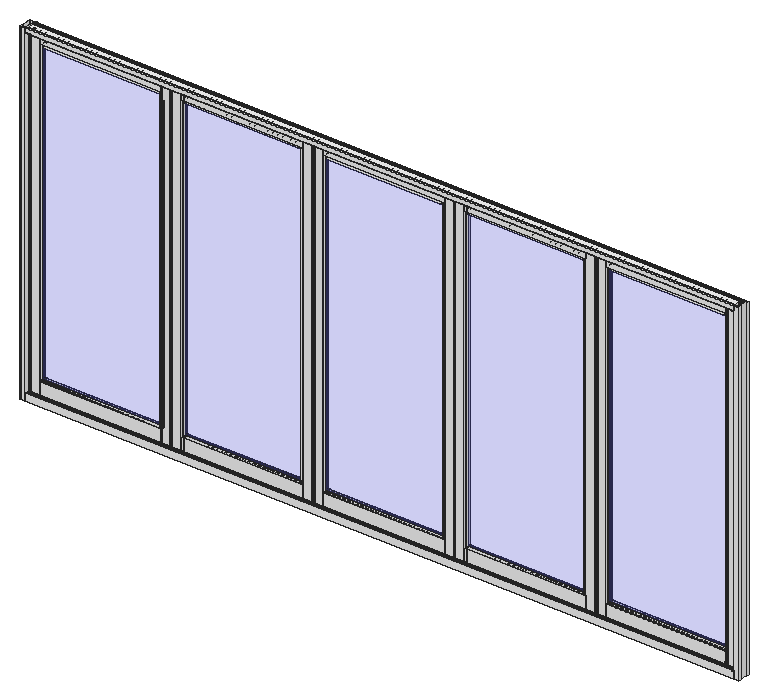
Revit family "Vistafold_Sliding_Folding_5_Standard", category Doors, host Wall, Revit 2014 (continued)
Definition of nested family "Vistafold_Sash_Insert_5_Std"
  Definition of nested family "Vistafold_Sash_Head"
    Forms (mm)
      Extrusion 1, solid, material <- "Profile Material"
        sketch origin (0, 0, 0) x (0, 1, 0) y (0, 0, 1)
          loop
            line (63.145, 210.735) -> (63.145, 209.535) -> (68.06, 209.535) -> (68.06, 235.935) -> (27.64, 235.935)
        from 0 to 250 <- "Length Head"
      Extrusion 2, void
        sketch origin (0, 0, 0) x (1, 0, 0) y (0, 1, 0)
          loop
            line (250, 30.845) -> (250, 33.545) -> (235, 33.545) -> (235, 30.845) -> (250, 30.845)
          loop
            line (15, 33.545) -> (0, 33.545) -> (0, 30.845) -> (15, 30.845) -> (15, 33.545)
        from 0 to 250
    Cuts and joins
      Extrusion 2 cuts Extrusion 1
    Dimensions and locks
      "Cutout Width": Extrusion 1 to Extrusion 2 sketch curve
      "Cutout Width": Extrusion 2 sketch curve to Extrusion 1
      aligned and locked: level to plane 2
      aligned and locked: Extrusion 1 to Extrusion 2 sketch curve  (x2)
      aligned and locked: Extrusion 2 sketch curve to Extrusion 1  (x4)
    Automatic sketch dimensions
      Extrusion 1 sketch curve to plane 1 "Center (Front/Back)" = 25.85 mm
      Extrusion 1 sketch curve to Extrusion 1 sketch curve = 1.79 mm
      Extrusion 1 sketch curve to Extrusion 1 sketch curve = 0 mm  (x3)
      Extrusion 1 sketch curve to Extrusion 1 sketch curve = 1.8 mm  (x3)
      Extrusion 1 sketch curve to Extrusion 1 sketch curve = 0.51 mm
      Extrusion 1 sketch curve to Extrusion 1 sketch curve = 3.11 mm
      Extrusion 1 sketch curve to Extrusion 1 sketch curve = 4.996 mm
      Extrusion 1 sketch curve to Extrusion 1 sketch curve = 1.4 mm  (x3)
      Extrusion 1 sketch curve to Extrusion 1 sketch curve = 0.4 mm  (x3)
      Extrusion 1 sketch curve to Extrusion 1 sketch curve = 1.3 mm
      Extrusion 1 sketch curve to Extrusion 1 sketch curve = 8.4 mm
      Extrusion 1 sketch curve to Extrusion 1 sketch curve = 3 mm
      Extrusion 1 sketch curve to Extrusion 1 sketch curve = 14 mm
      Extrusion 1 sketch curve to Extrusion 1 sketch curve = 1.5 mm
      Extrusion 1 sketch curve to Extrusion 1 sketch curve = 34.2 mm
      Extrusion 1 sketch curve to Extrusion 1 sketch curve = 2.596 mm
      Extrusion 1 sketch curve to Extrusion 1 sketch curve = 3.1 mm
      Extrusion 1 sketch curve to Extrusion 1 sketch curve = 4.914 mm
      Extrusion 1 sketch curve to Extrusion 1 sketch curve = 0.05 mm
      level to Extrusion 1 sketch curve = 192.735 mm
      Extrusion 1 sketch curve to Extrusion 1 sketch curve = 1.2 mm  (x2)
      Extrusion 1 sketch curve to Extrusion 1 sketch curve = 2.2 mm
      Extrusion 1 sketch curve to Extrusion 1 sketch curve = 0.7 mm
      Extrusion 1 sketch curve to Extrusion 1 sketch curve = 10.9 mm
      Extrusion 1 sketch curve to Extrusion 1 sketch curve = 0.975 mm  (x2)
      Extrusion 1 sketch curve to Extrusion 1 sketch curve = 1.106 mm
      Extrusion 1 sketch curve to Extrusion 1 sketch curve = 0.262 mm
      Extrusion 1 sketch curve to Extrusion 1 sketch curve = 0.694 mm
      Extrusion 1 sketch curve to Extrusion 1 sketch curve = 0.563 mm
      Extrusion 1 sketch curve to Extrusion 1 sketch curve = 1.363 mm
      Extrusion 1 sketch curve to Extrusion 1 sketch curve = 26.4 mm
      Extrusion 1 sketch curve to Extrusion 1 sketch curve = 2.92 mm
      Extrusion 1 sketch curve to Extrusion 1 sketch curve = 2.985 mm
      Extrusion 1 sketch curve to Extrusion 1 sketch curve = 0.963 mm
      Extrusion 1 sketch curve to Extrusion 1 sketch curve = 1.048 mm
      Extrusion 1 sketch curve to Extrusion 1 sketch curve = 12.367 mm
      Extrusion 1 sketch curve to Extrusion 1 sketch curve = 12.517 mm
      Extrusion 1 sketch curve to Extrusion 1 sketch curve = 1.6 mm  (x2)
      Extrusion 1 sketch curve to Extrusion 1 sketch curve = 2 mm  (x2)
  Definition of nested family "Vistafold_Sash_Sill"
    Parameters (values of type "Vistafold_Sash_Sill")
      Profile Material [instance] = none
      Length Sill [instance] = 250 mm
      Cutout Width = 15 mm  # constant formula
    Reference planes
      plane 1 "Center (Front/Back)": y = 0
      plane 2: z = 0
      plane 3 "Center (Left/Right)": x = 0
    Forms (mm)
      Extrusion 1, solid, material <- "Profile Material"
        sketch origin (0, 0, 0) x (0, 1, 0) y (0, 0, 1)
          loop
            line (7.791, 7.573) -> (9.591, 7.573) -> (9.591, 9.573) -> (12.691, 9.573) -> (12.691, 11.173) -> (9.581, 11.173) -> (9.581, 23.69) -> (10.091, 24.653) -> (10.091, 27.573) -> (49.486, 27.573) -> (49.486, 24.587) -> (50.041, 23.54) -> (50.041, 11.173) -> (46.891, 11.173) -> (46.891, 9.573) -> (49.991, 9.573) -> (49.991, 7.573) -> (51.791, 7.573) -> (51.791, 92.573) -> (41.786, 92.573) -> (41.786, 91.598) -> (43.286, 91.467) -> (43.286, 89.973) -> (24.786, 89.973) -> (24.786, 91.335) -> (27.786, 91.598) -> (27.786, 92.573) -> (14.586, 92.573) -> (14.586, 103.473) -> (14.186, 104.173) -> (14.186, 106.373) -> (15.486, 106.373) -> (15.486, 107.573) -> (12.786, 107.573) -> (12.786, 92.573) -> (7.791, 92.573) -> (7.791, 7.573)
          loop
            line (9.581, 90.773) -> (9.581, 29.373) -> (50, 29.373) -> (50, 90.773) -> (45.086, 90.773) -> (45.086, 89.573)
            arc (45.086, 89.573) -> (44.676, 88.583) -> (43.686, 88.173) r 1.4
            line (43.686, 88.173) -> (24.386, 88.173)
            arc (24.386, 88.173) -> (23.396, 88.583) -> (22.986, 89.573) r 1.4
            line (22.986, 89.573) -> (22.986, 90.773) -> (9.581, 90.773)
        from 0 to 250 <- "Length Sill"
      Extrusion 2, void
        sketch origin (0, 0, 0) x (1, 0, 0) y (0, 1, 0)
          loop
            line (0, 15.486) -> (0, 12.786) -> (15, 12.786) -> (15, 15.486) -> (0, 15.486)
          loop
            line (235, 15.486) -> (235, 12.786) -> (250, 12.786) -> (250, 15.486) -> (235, 15.486)
        from 0 to 250
    Cuts and joins
      Extrusion 2 cuts Extrusion 1
    Dimensions and locks
      "Cutout Width": Extrusion 1 to Extrusion 2 sketch curve
      "Cutout Width": Extrusion 2 sketch curve to Extrusion 1
      aligned and locked: level to plane 2
      aligned and locked: Extrusion 2 sketch curve to Extrusion 1  (x6)
    Automatic sketch dimensions
      Extrusion 1 sketch curve to plane 1 "Center (Front/Back)" = 7.791 mm
      Extrusion 1 sketch curve to Extrusion 1 sketch curve = 1.79 mm  (x3)
      Extrusion 1 sketch curve to Extrusion 1 sketch curve = 0.01 mm
      Extrusion 1 sketch curve to Extrusion 1 sketch curve = 0.51 mm
      Extrusion 1 sketch curve to Extrusion 1 sketch curve = 3.1 mm  (x2)
      Extrusion 1 sketch curve to plane 1 "Center (Front/Back)" = 12.786 mm
      Extrusion 1 sketch curve to Extrusion 1 sketch curve = 1.4 mm  (x3)
      Extrusion 1 sketch curve to Extrusion 1 sketch curve = 1.8 mm  (x4)
      Extrusion 1 sketch curve to Extrusion 1 sketch curve = 1.3 mm
      Extrusion 1 sketch curve to Extrusion 1 sketch curve = 8.4 mm
      Extrusion 1 sketch curve to Extrusion 1 sketch curve = 0.4 mm  (x3)
      Extrusion 1 sketch curve to Extrusion 1 sketch curve = 3 mm
      Extrusion 1 sketch curve to Extrusion 1 sketch curve = 14 mm
      Extrusion 1 sketch curve to Extrusion 1 sketch curve = 1.5 mm
      level to Extrusion 1 sketch curve = 9.573 mm
      Extrusion 1 sketch curve to Extrusion 1 sketch curve = 34.2 mm
      level to Extrusion 1 sketch curve = 24.587 mm
      Extrusion 1 sketch curve to Extrusion 1 sketch curve = 2.596 mm
      Extrusion 1 sketch curve to Extrusion 1 sketch curve = 4.914 mm
      level to Extrusion 1 sketch curve = 23.54 mm
      Extrusion 1 sketch curve to Extrusion 1 sketch curve = 0.554 mm
      level to Extrusion 1 sketch curve = 7.573 mm
      Extrusion 1 sketch curve to Extrusion 1 sketch curve = 2 mm  (x2)
      Extrusion 1 sketch curve to Extrusion 1 sketch curve = 1.6 mm  (x2)
      Extrusion 1 sketch curve to Extrusion 1 sketch curve = 12.517 mm
      Extrusion 1 sketch curve to Extrusion 1 sketch curve = 0.963 mm
      Extrusion 1 sketch curve to Extrusion 1 sketch curve = 2.92 mm
      Extrusion 1 sketch curve to Extrusion 1 sketch curve = 58.8 mm
      Extrusion 1 sketch curve to Extrusion 1 sketch curve = 1.2 mm  (x3)
      Extrusion 1 sketch curve to Extrusion 1 sketch curve = 1.363 mm
      Extrusion 1 sketch curve to Extrusion 1 sketch curve = 1.494 mm
      Extrusion 1 sketch curve to Extrusion 1 sketch curve = 0.131 mm
      Extrusion 1 sketch curve to Extrusion 1 sketch curve = 0.975 mm  (x2)
      Extrusion 1 sketch curve to Extrusion 1 sketch curve = 10.9 mm
      Extrusion 1 sketch curve to Extrusion 1 sketch curve = 0.7 mm
      Extrusion 1 sketch curve to Extrusion 1 sketch curve = 2.2 mm
  Definition of nested family "Vistafold_Angled_Glazing_Bead"
    Parameters (values of type "Vistafold_Angled_Glazing_Bead")
      Profile Material [instance] = none
      Bead Width [instance] = 1120 mm
      Bead Height [instance] = 1860 mm
    Reference planes
      plane 1 "Center (Front/Back)": y = 0
      plane 2: z = 0
      plane 3 "Center (Left/Right)": x = 0
    Forms (mm)
      Sweep 1, solid, material <- "Profile Material"
        path origin (0, 0, 0) x (1, 0, 0) y (0, 0, 1)
          loop
            line (0, 0) -> (1120, 0) -> (1120, 1860) -> (0, 1860) -> (0, 0)
        profile origin (560, 0, 0) x (0, 0, 1) y (0, -1, 0)
          loop
            line (7.999, 0.8) -> (7.999, 2.044) -> (10.199, 4.244) -> (12.521, 1.922) -> (11.399, 0.8) -> (10.599, 0.8) -> (10.599, 0) -> (14.999, 0) -> (14.999, 1) -> (0.793, 15.205) -> (0, 15.205) -> (0, 12.999) -> (-1.4, 12.999) -> (-1.4, 13.823)
            arc (-1.4, 13.823) -> (-2.107, 13.53) -> (-2.4, 12.823) r 1
            line (-2.4, 12.823) -> (-2.4, 11.899) -> (0.6, 11.899)
            arc (0.6, 11.899) -> (0.953, 12.045) -> (1.1, 12.399) r 0.5
            line (1.1, 12.399) -> (1.1, 13.343) -> (9.421, 5.022) -> (6.899, 2.5) -> (6.899, 1.1) -> (-1.6, 1.1)
            arc (-1.6, 1.1) -> (-2.165, 0.866) -> (-2.4, 0.3) r 0.8
            line (-2.4, 0.3) -> (-2.4, -2.5)
            arc (-2.4, -2.5) -> (-1.9, -3) -> (-1.4, -2.5) r 0.5
            line (-1.4, -2.5) -> (-1.4, 0) -> (8.799, 0) -> (8.799, 0.8) -> (7.999, 0.8)
    Dimensions and locks
      "Bead Width": Sweep 1 sketch curve to Sweep 1 sketch curve
      "Bead Height": Sweep 1 sketch curve to Sweep 1 sketch curve
      aligned and locked: level to plane 2
    Automatic sketch dimensions
      Sweep 1 sketch curve to plane 1 "Center (Front/Back)" = 0 mm  (x2)
      profile plane to Sweep 1 sketch curve = 0 mm
      profile plane to Sweep 1 sketch curve = 1.4 mm  (x2)
      Sweep 1 sketch curve to Sweep 1 sketch curve = 0.2 mm
      Sweep 1 sketch curve to Sweep 1 sketch curve = 0.5 mm  (x2)
      Sweep 1 sketch curve to Sweep 1 sketch curve = 1 mm  (x2)
      Sweep 1 sketch curve to profile plane = 0.6 mm
      Sweep 1 sketch curve to profile plane = 0.793 mm
      plane 1 "Center (Front/Back)" to Sweep 1 sketch curve = 1.1 mm
      Sweep 1 sketch curve to profile plane = 6.899 mm
      Sweep 1 sketch curve to Sweep 1 sketch curve = 1.1 mm
      Sweep 1 sketch curve to Sweep 1 sketch curve = 0.8 mm  (x2)
      Sweep 1 sketch curve to Sweep 1 sketch curve = 1.422 mm
      plane 1 "Center (Front/Back)" to Sweep 1 sketch curve = 4.244 mm
      Sweep 1 sketch curve to Sweep 1 sketch curve = 0.778 mm  (x2)
      Sweep 1 sketch curve to Sweep 1 sketch curve = 1.8 mm
      plane 1 "Center (Front/Back)" to Sweep 1 sketch curve = 1.922 mm
      Sweep 1 sketch curve to Sweep 1 sketch curve = 1.122 mm
      Sweep 1 sketch curve to Sweep 1 sketch curve = 2.5 mm
      plane 1 "Center (Front/Back)" to Sweep 1 sketch curve = 0.8 mm
      Sweep 1 sketch curve to Sweep 1 sketch curve = 0.456 mm
      Sweep 1 sketch curve to Sweep 1 sketch curve = 1.444 mm
      Sweep 1 sketch curve to Sweep 1 sketch curve = 0.924 mm
      Sweep 1 sketch curve to Sweep 1 sketch curve = 0.176 mm
      Sweep 1 sketch curve to Sweep 1 sketch curve = 1.862 mm
      Sweep 1 sketch curve to Sweep 1 sketch curve = 2.478 mm
      Sweep 1 sketch curve to plane 3 "Center (Left/Right)" = 0 mm
      Sweep 1 sketch curve to level = 0 mm
  Definition of nested family "Vistafold_Double_Glazing_Bead"
    Parameters (values of type "Vistafold_Double_Glazing_Bead")
      Profile Material [instance] = none
      Bead Width [instance] = 400 mm
      Bead Height [instance] = 500 mm
    Reference planes
      plane 1 "Center (Front/Back)": y = 0
      plane 2: z = 0
      plane 3 "Center (Left/Right)": x = 0
    Forms (mm)
      Sweep 1, solid, material <- "Profile Material"
        path origin (0, 0, 0) x (1, 0, 0) y (0, 0, 1)
          loop
            line (0, 0) -> (400, 0) -> (400, 500) -> (0, 500) -> (0, 0)
        profile origin (200, 0, 0) x (0, 0, 1) y (0, -1, 0)
          loop
            line (1.6, 21.9) -> (7.5, 21.9) -> (7.5, 18.8) -> (9.35, 18.8)
            arc (9.35, 18.8) -> (9.75, 19.2) -> (9.35, 19.6) r 0.4
            line (9.35, 19.6) -> (8.55, 19.6) -> (8.55, 21.9) -> (13.95, 21.9) -> (13.95, 19.6) -> (13.15, 19.6)
            arc (13.15, 19.6) -> (12.75, 19.2) -> (13.15, 18.8) r 0.4
            line (13.15, 18.8) -> (15, 18.8) -> (15, 23.5) -> (0, 23.5) -> (0, 15.9) -> (-1.387, 15.9) -> (-1.387, 16.7)
            arc (-1.387, 16.7) -> (-2.102, 16.411) -> (-2.4, 15.7) r 1
            line (-2.4, 15.7) -> (-2.4, 0.5)
            arc (-2.4, 0.5) -> (-1.9, 0) -> (-1.4, 0.5) r 0.5
            line (-1.4, 0.5) -> (-1.4, 3.5) -> (-0.4, 3.5) -> (-0.4, 14.5) -> (1.6, 14.5) -> (1.6, 21.9)
    Lines and regions (mm)
      model lines, style "GenericModel"
        curve 1: line (15, -23.5, 485) -> (15, -23.5, 500)
        curve 2: line (385, -23.5, 485) -> (385, -23.5, 500)
        curve 3: line (15, -23.5, 15) -> (15, -23.5, 0)
        curve 4: line (385, -23.5, 15) -> (385, -23.5, 0)
    Dimensions and locks
      "Bead Width": Sweep 1 sketch curve to Sweep 1 sketch curve
      "Bead Height": Sweep 1 sketch curve to Sweep 1 sketch curve
      aligned and locked: level to plane 2
      aligned and locked: curve 4 to Sweep 1
      aligned and locked: Sweep 1 to curve 3
      aligned and locked: curve 1 to Sweep 1
      aligned and locked: Sweep 1 to curve 2
    Automatic sketch dimensions
      profile plane to Sweep 1 sketch curve = 2.4 mm
      Sweep 1 sketch curve to Sweep 1 sketch curve = 0.5 mm
      Sweep 1 sketch curve to Sweep 1 sketch curve = 1 mm  (x2)
      Sweep 1 sketch curve to Sweep 1 sketch curve = 0.012 mm
      Sweep 1 sketch curve to Sweep 1 sketch curve = 1.387 mm
      Sweep 1 sketch curve to Sweep 1 sketch curve = 1.6 mm  (x2)
      Sweep 1 sketch curve to Sweep 1 sketch curve = 5.9 mm
      Sweep 1 sketch curve to Sweep 1 sketch curve = 1.05 mm  (x2)
      Sweep 1 sketch curve to Sweep 1 sketch curve = 0.8 mm  (x2)
      Sweep 1 sketch curve to Sweep 1 sketch curve = 3.8 mm
      Sweep 1 sketch curve to Sweep 1 sketch curve = 3 mm
      Sweep 1 sketch curve to Sweep 1 sketch curve = 11 mm
      Sweep 1 sketch curve to Sweep 1 sketch curve = 1.2 mm
      Sweep 1 sketch curve to Sweep 1 sketch curve = 0.2 mm
      Sweep 1 sketch curve to Sweep 1 sketch curve = 4.3 mm
      Sweep 1 sketch curve to Sweep 1 sketch curve = 0 mm  (x2)
      Sweep 1 sketch curve to Sweep 1 sketch curve = 0.4 mm  (x2)
      Sweep 1 sketch curve to Sweep 1 sketch curve = 2.3 mm
      plane 1 "Center (Front/Back)" to Sweep 1 sketch curve = 0.5 mm
      curve 1 to Sweep 1 = 0 mm  (x2)
      curve 3 to Sweep 1 = 0 mm
      Sweep 1 to curve 3 = 0 mm
      curve 2 to Sweep 1 = 0 mm  (x2)
      curve 4 to Sweep 1 = 0 mm  (x2)
      Sweep 1 sketch curve to plane 3 "Center (Left/Right)" = 0 mm
      Sweep 1 sketch curve to level = 0 mm
Definition of nested family "Vistafold_Single_Glazing_Sliding_Folding_5_Std"
  Parameters (values of type "Single_Glazing_Sliding_Folding")
    Right Hinged [instance] = yes
    Length Arrow Down [instance] = Length Arrow / 2  # 133.233 mm
    Left Hinged [instance] = yes
    Half Height [instance] = Glazing Height / 2  # 750 mm
    Glazing Width [instance] = 900 mm
    Glazing Height [instance] = 1500 mm
    Right Sliding Folding [instance] = yes
    Length Arrow Tip [instance] = if((Glazing Height - (2 * 50.3 mm)) / 8 > Length Arrow / 3.3, Length Arrow / 3.3, (Glazing Height - (2 * 50.3 mm)) / 8)  # 80.747 mm
    Length Arrow [instance] = (Glazing Width - (2 * 50.3 mm)) / 3  # 266.467 mm
    Left Sliding Folding [instance] = yes
    Is Sliding Folding [instance] = if(or(Right Sliding Folding, Left Sliding Folding), 1 = 1, 1 = 2)  # yes
    Glazing Thickness SG [instance] = 4 mm
    Glazing Material [instance] = Glass
    Glazing Bead Gap = 19.1 mm  # constant formula
    Double Glazing Gasket Material [instance] = none
    Arrow Tip Length [instance] = if((Glazing Height - (2 * 50.3 mm)) / 8 > Length Arrow / 3.3, Length Arrow / 3.3, (Glazing Height - (2 * 50.3 mm)) / 8)  # 80.747 mm
    Arrow Left Gap [instance] = (Glazing Width - Length Arrow) / 2  # 316.767 mm
    Arrow Bottom Gap [instance] = (Glazing Height / 2) + (Length Arrow Down / 2)  # 816.617 mm
  Reference planes
    plane 1 "Center (Front/Back)": y = 0
    plane 2: z = 0
    plane 3 "Center (Left/Right)": x = 0
  Forms (mm)
    Extrusion 1, solid, material "Glass" <- "Glazing Material"
      sketch origin (0, 0, 0) x (1, 0, 0) y (0, 0, 1)
        loop
          line (0, 0) -> (0, 1500) -> (-900, 1500) -> (-900, 0) -> (0, 0)
      from 0 to 4 <- "Glazing Thickness SG"
  Lines and regions (mm)
    model lines, style "GenericModelHiddenLines", visible <- "Left Hinged"
      curve 1: line (-880.9, -4, 1480.9) -> (-19.1, -4, 750)
      curve 2: line (-19.1, -4, 750) -> (-880.9, -4, 19.1)
    model lines, style "GenericModelHiddenLines", visible <- "Right Hinged"
      curve 3: line (-19.1, -4, 1480.9) -> (-880.9, -4, 750)
      curve 4: line (-880.9, -4, 750) -> (-19.1, -4, 19.1)
    model lines, style "GenericModel", visible <- "Left Sliding Folding"
      curve 5: line (-583.233, -4, 735.869) -> (-583.233, -4, 816.617)
      curve 6: line (-583.233, -4, 816.617) -> (-502.486, -4, 816.617)
    model lines, style "GenericModel", visible <- "Right Sliding Folding"
      curve 7: line (-397.514, -4, 816.617) -> (-316.767, -4, 816.617)
      curve 8: line (-316.767, -4, 816.617) -> (-316.767, -4, 735.869)
    model lines, style "GenericModel", visible <- "Is Sliding Folding"
      curve 9: line (-583.233, -4, 816.617) -> (-450, -4, 683.383)
      curve 10: line (-450, -4, 683.383) -> (-316.767, -4, 816.617)
  Dimensions and locks
    "Glazing Width": plane 3 "Center (Left/Right)" to Extrusion 1 sketch curve
    "Glazing Height": Extrusion 1 sketch curve to level
    "Glazing Bead Gap": curve 2 to Extrusion 1
    "Glazing Bead Gap": Extrusion 1 to curve 2  (x2)
    "Glazing Bead Gap": Extrusion 1 to curve 4  (x2)
    "Glazing Bead Gap": curve 4 to Extrusion 1
    "Glazing Bead Gap": Extrusion 1 to curve 3  (x2)
    "Glazing Bead Gap": Extrusion 1 to curve 1  (x2)
    "Half Height": curve 4 to Extrusion 1
    "Half Height": curve 2 to Extrusion 1
    "Arrow Left Gap": Extrusion 1 to curve 5
    "Arrow Left Gap": Extrusion 1 to curve 8
    "Arrow Bottom Gap": curve 7 to Extrusion 1
    "Arrow Bottom Gap": curve 6 to Extrusion 1
    equal spacing: curve 8, curve 10, curve 5
    "Length Arrow Down": curve 6 to curve 10
    "Length Arrow Tip": curve 6 to curve 5  (x2)
    "Length Arrow Tip": curve 7 to curve 8  (x2)
    aligned and locked: level to plane 2
    aligned and locked: Extrusion 1 sketch curve to plane 3 "Center (Left/Right)"
    aligned and locked: level to Extrusion 1 sketch curve
Types (21, lengths in mm): name | Windload Design | Width Sash | Width | Toughened Safety U Value | Toughened Safety SHGC Value | Sash Width | Sash Height | Overall Width | Overall Height | Max Pane Area | Limit Door Width Max | Limit Door Height Max | Limit Sash Width Max | Limit Sash Height Max | Intruderprufe U Value | Intruderprufe SHGC Value | Intruderprufe LowE U Value | Intruderprufe LowE SHGC Value | Intruderprufe Insulated U Value | Intruderprufe Insulated SHGC Value | Intruderprufe Insulated LowE U Value | Intruderprufe Insulated LowE SHGC Value | Height Sash | Height | Glazing Thickness SG | Custom Door Width | Custom Door Height | Custom Windload
  (no name) | 1000 | 881.2 | 4490 | 6.17 | 0.664 | 881.2 | 2023 | 4490 | 2090 | 1.56387 m² | 4584 | 2467 | 900 | 2400 | 6.06 | 0.626 | 4.76 | 0.547 | 3.73 | 0.54 | 3.8 | 0.487 | 2023 | 2090 | 5 | 4490 | 2090 | 1000
  Vistafold-5-1821-1000Pa | 1000 | 341.2 | 1790 | 6.41 | 0.497 | 341.2 | 2023 | 1790 | 2090 | 0.513249 m² | 4584 | 2467 | 900 | 2400 | 6.31 | 0.471 | 5.76 | 0.404 | 4.66 | 0.405 | 4.33 | 0.367 | 2023 | 2090 | 4 | 1790 | 2090 | 1000
  Vistafold-5-1821-1500Pa | 1500 | 341.2 | 1790 | 6.41 | 0.497 | 341.2 | 2023 | 1790 | 2090 | 0.513249 m² | 3084 | 2167 | 600 | 2100 | 6.31 | 0.471 | 5.76 | 0.404 | 4.66 | 0.405 | 4.33 | 0.367 | 2023 | 2090 | 4 | 1790 | 2090 | 1500
  Vistafold-5-2121-1000Pa | 1000 | 341.2 | 2090 | 6.35 | 0.536 | 401.2 | 2023 | 1790 | 2090 | 0.629985 m² | 4584 | 2467 | 900 | 2400 | 6.25 | 0.508 | 5.52 | 0.438 | 4.44 | 0.437 | 4.06 | 0.396 | 2023 | 2090 | 4 | 2090 | 2090 | 1000
  Vistafold-5-2121-1500Pa | 1500 | 341.2 | 2090 | 6.35 | 0.536 | 401.2 | 2023 | 1790 | 2090 | 0.629985 m² | 3084 | 2167 | 600 | 2100 | 6.25 | 0.508 | 5.52 | 0.438 | 4.44 | 0.437 | 4.06 | 0.396 | 2023 | 2090 | 4 | 2090 | 2090 | 1500
  Vistafold-5-2421-1000Pa | 1000 | 341.2 | 2390 | 6.31 | 0.566 | 461.2 | 2023 | 1790 | 2090 | 0.746721 m² | 4584 | 2467 | 900 | 2400 | 6.21 | 0.535 | 5.34 | 0.463 | 4.27 | 0.461 | 3.85 | 0.417 | 2023 | 2090 | 4 | 2390 | 2090 | 1000
  Vistafold-5-2421-1500Pa | 1500 | 341.2 | 2390 | 6.31 | 0.566 | 461.2 | 2023 | 1790 | 2090 | 0.746721 m² | 3084 | 2167 | 600 | 2100 | 6.21 | 0.535 | 5.34 | 0.463 | 4.27 | 0.461 | 3.85 | 0.417 | 2023 | 2090 | 4 | 2390 | 2090 | 1500
  Vistafold-5-2721-1000Pa | 1000 | 341.2 | 2690 | 6.28 | 0.589 | 521.2 | 2023 | 1790 | 2090 | 0.863457 m² | 4584 | 2467 | 900 | 2400 | 6.17 | 0.557 | 5.21 | 0.483 | 4.14 | 0.48 | 3.69 | 0.434 | 2023 | 2090 | 4 | 2690 | 2090 | 1000
  Vistafold-5-2721-1500Pa | 1500 | 341.2 | 2690 | 6.28 | 0.589 | 521.2 | 2023 | 1790 | 2090 | 0.863457 m² | 3084 | 2167 | 600 | 2100 | 6.17 | 0.557 | 5.21 | 0.483 | 4.14 | 0.48 | 3.69 | 0.434 | 2023 | 2090 | 4 | 2690 | 2090 | 1500
  Vistafold-5-3021-1000Pa | 1000 | 341.2 | 2990 | 6.25 | 0.608 | 581.2 | 2023 | 1790 | 2090 | 0.980193 m² | 4584 | 2467 | 900 | 2400 | 6.14 | 0.574 | 5.1 | 0.499 | 4.04 | 0.495 | 3.56 | 0.447 | 2023 | 2090 | 4 | 2990 | 2090 | 1000
  Vistafold-5-3021-1500Pa | 1500 | 341.2 | 2990 | 6.25 | 0.608 | 581.2 | 2023 | 1790 | 2090 | 0.980193 m² | 3084 | 2167 | 600 | 2100 | 6.14 | 0.574 | 5.1 | 0.499 | 4.04 | 0.495 | 3.56 | 0.447 | 2023 | 2090 | 4 | 2990 | 2090 | 1500
  Vistafold-5-3321-1000Pa | 1000 | 341.2 | 3290 | 6.23 | 0.623 | 641.2 | 2023 | 1790 | 2090 | 1.09693 m² | 4584 | 2467 | 900 | 2400 | 6.12 | 0.588 | 5.01 | 0.512 | 3.95 | 0.507 | 3.46 | 0.458 | 2023 | 2090 | 4 | 3290 | 2090 | 1000
  Vistafold-5-3621-1000Pa | 1000 | 341.2 | 3590 | 6.21 | 0.636 | 701.2 | 2023 | 1790 | 2090 | 1.21367 m² | 4584 | 2467 | 900 | 2400 | 6.1 | 0.6 | 4.93 | 0.523 | 3.88 | 0.518 | 3.37 | 0.467 | 2023 | 2090 | 4 | 3590 | 2090 | 1000
  Vistafold-5-3921-1000Pa | 1000 | 341.2 | 3890 | 6.19 | 0.646 | 761.2 | 2023 | 1790 | 2090 | 1.3304 m² | 4584 | 2467 | 900 | 2400 | 6.08 | 0.61 | 4.87 | 0.532 | 3.83 | 0.526 | 3.3 | 0.475 | 2023 | 2090 | 4 | 3890 | 2090 | 1000
  Vistafold-5-4221-1000Pa | 1000 | 341.2 | 4190 | 6.18 | 0.656 | 821.2 | 2023 | 1790 | 2090 | 1.44714 m² | 4584 | 2467 | 900 | 2400 | 6.07 | 0.618 | 4.81 | 0.54 | 3.78 | 0.534 | 3.24 | 0.482 | 2023 | 2090 | 4 | 4190 | 2090 | 1000
  Vistafold-5-4521-1000Pa | 1000 | 881.2 | 4490 | 6.17 | 0.664 | 881.2 | 2023 | 4490 | 2090 | 1.56387 m² | 4584 | 2467 | 900 | 2400 | 6.06 | 0.626 | 4.76 | 0.547 | 3.73 | 0.54 | 3.8 | 0.487 | 2023 | 2090 | 5 | 4490 | 2090 | 1000
  Vistafold-5-1824-1000Pa | 1000 | 341.2 | 1790 | 6.4 | 0.502 | 341.2 | 2323 | 1790 | 2090 | 0.592389 m² | 3084 | 2467 | 600 | 2400 | 6.31 | 0.476 | 5.74 | 0.408 | 4.63 | 0.41 | 4.3 | 0.371 | 2023 | 2390 | 4 | 1790 | 2390 | 1000
  Vistafold-5-2124-1000Pa | 1000 | 341.2 | 2090 | 6.34 | 0.543 | 401.2 | 2323 | 1790 | 2090 | 0.727125 m² | 3084 | 2467 | 600 | 2400 | 6.31 | 0.514 | 5.5 | 0.443 | 4.4 | 0.442 | 4.02 | 0.4 | 2023 | 2390 | 4 | 2090 | 2390 | 1000
  Vistafold-5-2424-1000Pa | 1000 | 341.2 | 2390 | 6.3 | 0.573 | 461.2 | 2323 | 1790 | 2090 | 0.861861 m² | 3084 | 2467 | 600 | 2400 | 6.2 | 0.542 | 5.31 | 0.469 | 4.23 | 0.467 | 3.81 | 0.422 | 2023 | 2390 | 4 | 2390 | 2390 | 1000
  Vistafold-5-2724-1000Pa | 1000 | 341.2 | 2690 | 6.27 | 0.597 | 521.2 | 2323 | 1790 | 2090 | 0.996597 m² | 3084 | 2467 | 600 | 2400 | 6.16 | 0.564 | 5.17 | 0.489 | 4.1 | 0.486 | 3.65 | 0.439 | 2023 | 2390 | 4 | 2690 | 2390 | 1000
  Vistafold-5-3024-1000Pa | 1000 | 581.2 | 2990 | 6.24 | 0.615 | 581.2 | 2323 | 2990 | 2390 | 1.13133 m² | 3084 | 2467 | 600 | 2400 | 6.13 | 0.581 | 5.06 | 0.505 | 4 | 0.501 | 3.52 | 0.453 | 2323 | 2390 | 4 | 2990 | 2390 | 1000
